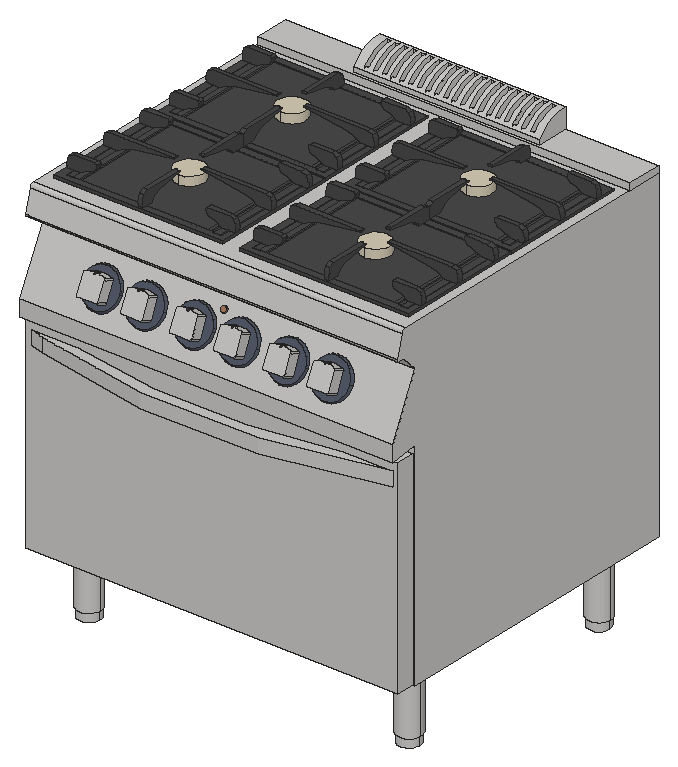
Revit family "QF_ZANUSSI_372149_Z7GCGH4CEA", category Specialty Equipment, Revit 2018
Family settings
  Round Connector Dimension = Use Diameter
  Part Type = Normal
  Work Plane-Based = No
  Always vertical = Yes
  Cut with Voids When Loaded = No
  Shared = No
  Room Calculation Point = No
Parameters (values of type "Standard")
  Weight = 80.00 kg
  Watts = 0 W
  Volts = 380 V
  URL Manufacturer = "http://www.zanussiprofessional.com"
  URL = "http://www.zanussiprofessional.com"
  Steam Supply Size = 0"
  Steam Supply Minimum Pressure = 0.00 psi
  Steam Supply Maximum Pressure = 0.00 psi
  Steam Pounds per Hour = 0
  Show Logo [instance] = yes
  Show Clearance [instance] = yes
  Refrigeration Suction Line Size = 0"
  Refrigeration Liquid Line Size = 0"
  Refrigerant Compressor Remote = yes
  Phase = 3
  Model = "Z7GCGH4CEA"
  Manufacturer = "Zanussi"
  Length Actual = 800.0 mm  # constant formula
  Item Number = "372149"
  Hot Water Size = 0"
  Height Actual = 850.0 mm  # constant formula
  HP = "8 HP"
  Gas Size = 1/2"
  Gas KW = 22
  Gas Input Pressure = 0.738606 Btu/h
  Direct Waste Size = 0"
  Description = "4-BURNER GAS RANGE+ELECTR.OVEN 800MM (AGA)"
  Depth Actual = 700.0 mm  # constant formula
  Cycle = 60 Hz
  Condensate Return Size = 0"
  Compressed Air Volume = 0 GPM
  Compressed Air Size = 0"
  Compressed Air Pressure = 0.00 psi
  Cold Water Size = 0"
  Assembly Code = ""
  Accessory = yes
Reference planes
  plane 1 "BACK": y = 0
  plane 2: z = 0
  plane 3 "LEFT": x = 0
  plane 4 "RIGHT": x = 800
  plane 5 "FRONT": y = -700
  plane 6 "TOP": z = 908
  plane 7 "Center Y": x = 400
  plane 8 "Center X": y = -350
  plane 9 "Base": z = 150
  plane 10: z = 850
  plane 11: y = -715
  plane 12: y = -1109
  plane 13 "panel": through (-6096, -654.982, 762.214) normal (0, -0.8956, 0.4448)
  plane 14: x = 177.499
  plane 15: x = 177.499
Forms (mm)
  Revolve 1, solid, material "QF_Finishes_Stainless Steel"
    sketch origin (1, -90, 0) x (1, 0, 0) y (0, 0, 1)
      loop
        line (55, 0) -> (55, 150) -> (29.6, 150) -> (29.6, 19.05) -> (32.1, 19.05) -> (32.1, 0) -> (55, 0)
      axis (55, 0) -> (55, 150)
    angle from 0 to 360
  Revolve 2, solid, material "QF_Finishes_Stainless Steel"
    sketch origin (1, -599.588, 0) x (1, 0, 0) y (0, 0, 1)
      loop
        line (55, 0) -> (55, 150) -> (29.6, 150) -> (29.6, 19.05) -> (32.1, 19.05) -> (32.1, 0) -> (55, 0)
      axis (55, 0) -> (55, 150)
    angle from 0 to 360
  Revolve 3, solid, material "QF_Finishes_Stainless Steel"
    sketch origin (799, -90, 0) x (-1, 0, 0) y (0, 0, -1)
      loop
        line (55, 0) -> (32.1, 0) -> (32.1, -19.05) -> (29.6, -19.05) -> (29.6, -150) -> (55, -150) -> (55, 0)
      axis (55, 0) -> (55, -150)
    angle from 0 to 360
  Revolve 4, solid, material "QF_Finishes_Stainless Steel"
    sketch origin (799, -599.588, 0) x (-1, 0, 0) y (0, 0, -1)
      loop
        line (55, 0) -> (32.1, 0) -> (32.1, -19.05) -> (29.6, -19.05) -> (29.6, -150) -> (55, -150) -> (55, 0)
      axis (55, 0) -> (55, -150)
    angle from 0 to 360
  Extrusion 5, solid, material "QF_Finishes_Stainless Steel"
    sketch origin (0, 0, 576.213) x (0, 1, 0) y (0, 0, 1)
      loop
        line (0, 273.788) -> (-679.358, 273.788)
        arc (-679.358, 273.788) -> (-684.643, 271.598) -> (-686.833, 266.313) r 7.474
        line (-686.833, 266.313) -> (-699.884, 220.798)
        arc (-699.884, 220.798) -> (-699.396, 218.166) -> (-697, 216.971) r 3
        line (-697, 216.971) -> (-686.802, 216.971) -> (-654.982, 185.152) -> (-715, 64.296) -> (-715, 29.296) -> (-658.645, 37.216)
        arc (-658.645, 37.216) -> (-656.101, 36.462) -> (-655, 34.047) r 3.2
        line (-655, 34.047) -> (-655, -426.212) -> (0, -426.212) -> (0, 273.788)
      loop
        line (-700, 23.788) -> (-700, -421.212) -> (-660, -421.212) -> (-660, 23.788) -> (-700, 23.788)
    from 0 to 800
  Extrusion 6, solid, material "QF_Finishes_Stainless Steel"
    sketch origin (0, 0, 576.213) x (0, 1, 0) y (0, 0, 1)
      loop
        line (0, 273.787) -> (0, 288.075) -> (-76.2, 288.075) -> (-76.2, 273.787) -> (0, 273.787)
    from 0 to 800
  Extrusion 7, solid, material "QF_Finishes_Stainless Steel"
    sketch origin (0, -2, 150) x (-1, 0, 0) y (0, -1, 0)
      loop
        circle (-747.612, 464) r 6.35
    from -8.815 to 7.722
  Extrusion 8, solid, material "QF_Finishes_Door Clearance", visible <- "Show Clearance", detail levels coarse
    sketch origin (0, 0, 0) x (0, 1, 0) y (0, 0, 1)
      loop
        line (-1109, 150) -> (-700, 150) -> (-700, 601.405)
        arc (-700, 601.405) -> (-991.543, 454.568) -> (-1109, 150) r 453.603
    from 0 to 800
  Extrusion 9, solid, material "QF_Finishes_Clearance", visible <- "Show Clearance", detail levels coarse
    sketch origin (0, 0, 0) x (1, 0, 0) y (0, 1, 0)
      loop
        line (-100, -715) -> (0, -715) -> (0, 0) -> (800, 0) -> (800, -715) -> (900, -715) -> (900, 100) -> (-100, 100) -> (-100, -715)
    from 0 to 908.85
  Extrusion 10, void
    sketch origin (-65.011, 0, 865.138) x (-1, 0, 0) y (0, -1, 0)
      loop
        line (-295.005, 6.761) -> (-285.709, 6.761) -> (-285.709, 63.911) -> (-295.005, 63.911) -> (-295.005, 6.761)
      loop
        line (-313.697, 6.761) -> (-304.401, 6.761) -> (-304.401, 63.911) -> (-313.697, 63.911) -> (-313.697, 6.761)
      loop
        line (-332.39, 6.761) -> (-323.094, 6.761) -> (-323.094, 63.911) -> (-332.39, 63.911) -> (-332.39, 6.761)
      loop
        line (-351.082, 6.761) -> (-341.787, 6.761) -> (-341.787, 63.911) -> (-351.082, 63.911) -> (-351.082, 6.761)
      loop
        line (-369.775, 6.761) -> (-360.479, 6.761) -> (-360.479, 63.911) -> (-369.775, 63.911) -> (-369.775, 6.761)
      loop
        line (-388.468, 6.761) -> (-379.172, 6.761) -> (-379.172, 63.911) -> (-388.468, 63.911) -> (-388.468, 6.761)
      loop
        line (-407.16, 6.761) -> (-397.864, 6.761) -> (-397.864, 63.911) -> (-407.16, 63.911) -> (-407.16, 6.761)
      loop
        line (-425.853, 6.761) -> (-416.557, 6.761) -> (-416.557, 63.911) -> (-425.853, 63.911) -> (-425.853, 6.761)
      loop
        line (-444.545, 6.761) -> (-435.25, 6.761) -> (-435.25, 63.911) -> (-444.545, 63.911) -> (-444.545, 6.761)
      loop
        line (-463.238, 6.761) -> (-453.942, 6.761) -> (-453.942, 63.911) -> (-463.238, 63.911) -> (-463.238, 6.761)
      loop
        line (-481.931, 6.761) -> (-472.635, 6.761) -> (-472.635, 63.911) -> (-481.931, 63.911) -> (-481.931, 6.761)
      loop
        line (-500.623, 6.761) -> (-491.328, 6.761) -> (-491.328, 63.911) -> (-500.623, 63.911) -> (-500.623, 6.761)
      loop
        line (-519.316, 6.761) -> (-510.02, 6.761) -> (-510.02, 63.911) -> (-519.316, 63.911) -> (-519.316, 6.761)
      loop
        line (-538.008, 6.761) -> (-528.713, 6.761) -> (-528.713, 63.911) -> (-538.008, 63.911) -> (-538.008, 6.761)
      loop
        line (-556.701, 6.761) -> (-547.405, 6.761) -> (-547.405, 63.911) -> (-556.701, 63.911) -> (-556.701, 6.761)
      loop
        line (-575.394, 6.761) -> (-566.098, 6.761) -> (-566.098, 63.911) -> (-575.394, 63.911) -> (-575.394, 6.761)
      loop
        line (-594.086, 6.761) -> (-584.791, 6.761) -> (-584.791, 63.911) -> (-594.086, 63.911) -> (-594.086, 6.761)
      loop
        line (-612.779, 6.761) -> (-603.483, 6.761) -> (-603.483, 63.911) -> (-612.779, 63.911) -> (-612.779, 6.761)
      loop
        line (-631.472, 6.761) -> (-622.176, 6.761) -> (-622.176, 63.911) -> (-631.472, 63.911) -> (-631.472, 6.761)
      loop
        line (-650.164, 6.761) -> (-640.868, 6.761) -> (-640.868, 63.911) -> (-650.164, 63.911) -> (-650.164, 6.761)
    from 9.525 to 45.348
  Extrusion 11, solid, material "QF_Finishes_Stainless Steel"
    sketch origin (-200, 0, 590.5) x (0, 1, 0) y (0, 0, 1)
      loop
        line (0, 273.788) -> (0, 317.5)
        arc (0, 317.5) -> (-39.072, 308.879) -> (-69.85, 283.312) r 84.854
        line (-69.85, 283.312) -> (-69.85, 273.788) -> (0, 273.788)
    from 400 to 800
  Blend 12, solid, material "QF_Finishes_Navy Blue"
    base sketch origin (152.5, -684.991, 701.786) x (1, 0, 0) y (0, 0.444781, 0.895639)
      loop
        circle (0, 0) r 42.5
    top sketch origin (152.5, -684.991, 701.786) x (1, 0, 0) y (0, 0.444781, 0.895639)
      loop
        circle (0, 0) r 40.5
    from 0 to 5
  Extrusion 13, solid, material "QF_Finishes_Stainless Steel"
    sketch origin (152.5, -684.991, 701.786) x (1, 0, 0) y (0, 0.444781, 0.895639)
      loop
        arc (-21.147, 22.789) -> (-22.494, 21.685) -> (-23, 20.019) r 2.997
        line (-23, 20.019) -> (-23, -20.019)
        arc (-23, -20.019) -> (-22.122, -22.138) -> (-20.003, -23.016) r 2.997
        line (-20.003, -23.016) -> (20.003, -23.016)
        arc (20.003, -23.016) -> (22.122, -22.138) -> (23, -20.019) r 2.997
        line (23, -20.019) -> (23, 20.019)
        arc (23, 20.019) -> (22.494, 21.685) -> (21.147, 22.789) r 2.997
        arc (21.147, 22.789) -> (0, 26.984) -> (-21.147, 22.789) r 55.4
    from 10 to 34
  Extrusion 14, solid, material "QF_Plastic-Black-Matte"
    sketch origin (210, -684.991, 701.786) x (0, 0.444781, 0.895639) y (0, -0.895639, 0.444781)
      loop
        line (26.984, 34) -> (26.984, 19) -> (27.984, 19) -> (27.984, 34)
        arc (27.984, 34) -> (27.691, 34.707) -> (26.984, 35) r 1
        line (26.984, 35) -> (23.984, 35) -> (23.984, 34) -> (26.984, 34)
    from -58.5 to -56.5
  Extrusion 15, solid, material "QF_Finishes_Stainless Steel"
    sketch origin (152.5, -684.991, 701.786) x (1, 0, 0) y (0, 0.444781, 0.895639)
      loop
        line (17.5, 17.5) -> (-17.5, 17.5) -> (-17.5, -17.5) -> (17.5, -17.5) -> (17.5, 17.5)
    from 5 to 10
  Extrusion 16, solid, material "QF_Plastic-Black-Matte"
    sketch origin (190, -684.991, 701.786) x (0, 0.444781, 0.895639) y (0, 0.895639, -0.444781)
      loop
        line (26.984, -34) -> (23.984, -34) -> (23.984, -35) -> (26.984, -35)
        arc (26.984, -35) -> (27.691, -34.707) -> (27.984, -34) r 1
        line (27.984, -34) -> (27.984, -19) -> (26.984, -19) -> (26.984, -34)
    from -58.5 to -56.5
  Extrusion 17, solid, material "QF_Finishes_Stainless Steel"
    sketch origin (247.5, -684.991, 701.786) x (-1, 0, 0) y (0, -0.444781, -0.895639)
      loop
        line (17.5, -17.5) -> (17.5, 17.5) -> (-17.5, 17.5) -> (-17.5, -17.5) -> (17.5, -17.5)
    from 5 to 10
  Blend 18, solid, material "QF_Finishes_Navy Blue"
    base sketch origin (247.5, -684.991, 701.786) x (1, 0, 0) y (0, 0.444781, 0.895639)
      loop
        circle (0, 0) r 42.5
    top sketch origin (247.5, -684.991, 701.786) x (1, 0, 0) y (0, 0.444781, 0.895639)
      loop
        circle (0, 0) r 40.5
    from 0 to 5
  Extrusion 19, solid, material "QF_Finishes_Stainless Steel"
    sketch origin (247.5, -684.991, 701.786) x (-1, 0, 0) y (0, -0.444781, -0.895639)
      loop
        arc (-21.147, -22.789) -> (0, -26.984) -> (21.147, -22.789) r 55.4
        arc (21.147, -22.789) -> (22.494, -21.685) -> (23, -20.019) r 2.997
        line (23, -20.019) -> (23, 20.019)
        arc (23, 20.019) -> (22.122, 22.138) -> (20.003, 23.016) r 2.997
        line (20.003, 23.016) -> (-20.003, 23.016)
        arc (-20.003, 23.016) -> (-22.122, 22.138) -> (-23, 20.019) r 2.997
        line (-23, 20.019) -> (-23, -20.019)
        arc (-23, -20.019) -> (-22.494, -21.685) -> (-21.147, -22.789) r 2.997
    from 10 to 34
  Blend 20, solid, material "QF_Finishes_Navy Blue"
    base sketch origin (447.5, -684.991, 701.786) x (1, 0, 0) y (0, 0.444781, 0.895639)
      loop
        circle (0, 0) r 42.5
    top sketch origin (447.5, -684.991, 701.786) x (1, 0, 0) y (0, 0.444781, 0.895639)
      loop
        circle (0, 0) r 40.5
    from 0 to 5
  Extrusion 21, solid, material "QF_Finishes_Stainless Steel"
    sketch origin (215, -684.991, 701.786) x (1, 0, 0) y (0, 0.444781, 0.895639)
      loop
        arc (211.353, 22.789) -> (210.006, 21.685) -> (209.5, 20.019) r 2.997
        line (209.5, 20.019) -> (209.5, -20.019)
        arc (209.5, -20.019) -> (210.378, -22.138) -> (212.497, -23.016) r 2.997
        line (212.497, -23.016) -> (252.503, -23.016)
        arc (252.503, -23.016) -> (254.622, -22.138) -> (255.5, -20.019) r 2.997
        line (255.5, -20.019) -> (255.5, 20.019)
        arc (255.5, 20.019) -> (254.994, 21.685) -> (253.647, 22.789) r 2.997
        arc (253.647, 22.789) -> (232.5, 26.984) -> (211.353, 22.789) r 55.4
    from 10 to 34
  Blend 22, solid, material "QF_Finishes_Navy Blue"
    base sketch origin (552.5, -684.991, 701.786) x (1, 0, 0) y (0, 0.444781, 0.895639)
      loop
        circle (0, 0) r 42.5
    top sketch origin (552.5, -684.991, 701.786) x (1, 0, 0) y (0, 0.444781, 0.895639)
      loop
        circle (0, 0) r 40.5
    from 0 to 5
  Extrusion 23, solid, material "QF_Finishes_Stainless Steel"
    sketch origin (552.5, -684.991, 701.786) x (1, 0, 0) y (0, 0.444781, 0.895639)
      loop
        arc (-21.147, 22.789) -> (-22.494, 21.685) -> (-23, 20.019) r 2.997
        line (-23, 20.019) -> (-23, -20.019)
        arc (-23, -20.019) -> (-22.122, -22.138) -> (-20.003, -23.016) r 2.997
        line (-20.003, -23.016) -> (20.003, -23.016)
        arc (20.003, -23.016) -> (22.122, -22.138) -> (23, -20.019) r 2.997
        line (23, -20.019) -> (23, 20.019)
        arc (23, 20.019) -> (22.494, 21.685) -> (21.147, 22.789) r 2.997
        arc (21.147, 22.789) -> (0, 26.984) -> (-21.147, 22.789) r 55.4
    from 10 to 34
  Extrusion 24, solid, material "QF_Plastic-Black-Matte"
    sketch origin (610, -684.991, 701.786) x (0, 0.444781, 0.895639) y (0, -0.895639, 0.444781)
      loop
        line (26.984, 34) -> (26.984, 19) -> (27.984, 19) -> (27.984, 34)
        arc (27.984, 34) -> (27.691, 34.707) -> (26.984, 35) r 1
        line (26.984, 35) -> (23.984, 35) -> (23.984, 34) -> (26.984, 34)
    from -58.5 to -56.5
  Extrusion 25, solid, material "QF_Finishes_Stainless Steel"
    sketch origin (552.5, -684.991, 701.786) x (1, 0, 0) y (0, 0.444781, 0.895639)
      loop
        line (17.5, 17.5) -> (-17.5, 17.5) -> (-17.5, -17.5) -> (17.5, -17.5) -> (17.5, 17.5)
    from 5 to 10
  Extrusion 26, solid, material "QF_Plastic-Black-Matte"
    sketch origin (590, -684.991, 701.786) x (0, 0.444781, 0.895639) y (0, 0.895639, -0.444781)
      loop
        line (26.984, -34) -> (23.984, -34) -> (23.984, -35) -> (26.984, -35)
        arc (26.984, -35) -> (27.691, -34.707) -> (27.984, -34) r 1
        line (27.984, -34) -> (27.984, -19) -> (26.984, -19) -> (26.984, -34)
    from -58.5 to -56.5
  Extrusion 27, solid, material "QF_Finishes_Stainless Steel"
    sketch origin (647.5, -684.991, 701.786) x (-1, 0, 0) y (0, -0.444781, -0.895639)
      loop
        line (17.5, -17.5) -> (17.5, 17.5) -> (-17.5, 17.5) -> (-17.5, -17.5) -> (17.5, -17.5)
    from 5 to 10
  Blend 28, solid, material "QF_Finishes_Navy Blue"
    base sketch origin (647.5, -684.991, 701.786) x (1, 0, 0) y (0, 0.444781, 0.895639)
      loop
        circle (0, 0) r 42.5
    top sketch origin (647.5, -684.991, 701.786) x (1, 0, 0) y (0, 0.444781, 0.895639)
      loop
        circle (0, 0) r 40.5
    from 0 to 5
  Extrusion 29, solid, material "QF_Finishes_Stainless Steel"
    sketch origin (647.5, -684.991, 701.786) x (-1, 0, 0) y (0, -0.444781, -0.895639)
      loop
        arc (-21.147, -22.789) -> (0, -26.984) -> (21.147, -22.789) r 55.4
        arc (21.147, -22.789) -> (22.494, -21.685) -> (23, -20.019) r 2.997
        line (23, -20.019) -> (23, 20.019)
        arc (23, 20.019) -> (22.122, 22.138) -> (20.003, 23.016) r 2.997
        line (20.003, 23.016) -> (-20.003, 23.016)
        arc (-20.003, 23.016) -> (-22.122, 22.138) -> (-23, 20.019) r 2.997
        line (-23, 20.019) -> (-23, -20.019)
        arc (-23, -20.019) -> (-22.494, -21.685) -> (-21.147, -22.789) r 2.997
    from 10 to 34
  Extrusion 30, solid, material "QF_Finishes_Stainless Steel"
    sketch origin (0, 0, 150) x (-1, 0, 0) y (0, -1, 0)
      loop
        line (-790, 700) -> (-696.395, 700)
        arc (-696.395, 700) -> (-400, 735) -> (-103.605, 700) r 1272.5
        line (-103.605, 700) -> (-10, 700)
        arc (-10, 700) -> (-26.992, 705.227) -> (-44.053, 710.221) r 1297.5
        arc (-44.053, 710.221) -> (-417.777, 759.878) -> (-790, 700) r 1297.5
    from 400 to 430
  Extrusion 31, solid, material "QF_Finishes_Stainless Steel"
    sketch origin (0, 0, 150) x (-1, 0, 0) y (0, -1, 0)
      loop
        circle (-752, 513) r 10
    from 0 to -3
  Extrusion 32, solid, material "QF_Plastic-Black-Matte"
    sketch origin (295, -684.991, 701.786) x (0, 0.444781, 0.895639) y (0, 0.895639, -0.444781)
      loop
        line (26.984, -34) -> (23.984, -34) -> (23.984, -35) -> (26.984, -35)
        arc (26.984, -35) -> (27.691, -34.707) -> (27.984, -34) r 1
        line (27.984, -34) -> (27.984, -19) -> (26.984, -19) -> (26.984, -34)
    from -58.5 to -56.5
  Extrusion 33, solid, material "QF_Finishes_Stainless Steel"
    sketch origin (352.5, -684.991, 701.786) x (-1, 0, 0) y (0, -0.444781, -0.895639)
      loop
        line (17.5, -17.5) -> (17.5, 17.5) -> (-17.5, 17.5) -> (-17.5, -17.5) -> (17.5, -17.5)
    from 5 to 10
  Extrusion 34, solid, material "QF_Finishes_Stainless Steel"
    sketch origin (352.5, -684.991, 701.786) x (-1, 0, 0) y (0, -0.444781, -0.895639)
      loop
        arc (-21.147, -22.789) -> (0, -26.984) -> (21.147, -22.789) r 55.4
        arc (21.147, -22.789) -> (22.494, -21.685) -> (23, -20.019) r 2.997
        line (23, -20.019) -> (23, 20.019)
        arc (23, 20.019) -> (22.122, 22.138) -> (20.003, 23.016) r 2.997
        line (20.003, 23.016) -> (-20.003, 23.016)
        arc (-20.003, 23.016) -> (-22.122, 22.138) -> (-23, 20.019) r 2.997
        line (-23, 20.019) -> (-23, -20.019)
        arc (-23, -20.019) -> (-22.494, -21.685) -> (-21.147, -22.789) r 2.997
    from 10 to 34
  Blend 35, solid, material "QF_Finishes_Navy Blue"
    base sketch origin (352.5, -684.991, 701.786) x (1, 0, 0) y (0, 0.444781, 0.895639)
      loop
        circle (0, 0) r 42.5
    top sketch origin (352.5, -684.991, 701.786) x (1, 0, 0) y (0, 0.444781, 0.895639)
      loop
        circle (0, 0) r 40.5
    from 0 to 5
  Extrusion 36, solid, material "QF_Plastic-Black-Matte"
    sketch origin (390, -684.991, 701.786) x (0, 0.444781, 0.895639) y (0, 0.895639, -0.444781)
      loop
        line (26.984, -34) -> (23.984, -34) -> (23.984, -35) -> (26.984, -35)
        arc (26.984, -35) -> (27.691, -34.707) -> (27.984, -34) r 1
        line (27.984, -34) -> (27.984, -19) -> (26.984, -19) -> (26.984, -34)
    from -58.5 to -56.5
  Extrusion 37, solid, material "QF_Finishes_Stainless Steel"
    sketch origin (447.5, -684.991, 701.786) x (-1, 0, 0) y (0, -0.444781, -0.895639)
      loop
        line (17.5, -17.5) -> (17.5, 17.5) -> (-17.5, 17.5) -> (-17.5, -17.5) -> (17.5, -17.5)
    from 5 to 10
  Extrusion 38, solid, material "QF_Finishes_Brown"
    sketch origin (0, -829.045, 411.71) x (0, 0.444781, 0.895639) y (-1, 0, 0)
      loop
        circle (366.376, -400) r 6
    from 0 to 1.6
Cuts and joins
  Extrusion 10 cuts Extrusion 9
  Extrusion 10 cuts Extrusion 11
Lines and regions (mm)
  Split face 1
    outline origin (152.5, -689.469, 704.01) x (1, 0, 0) y (0, 0.444781, 0.895639)
      loop
        circle (-33, 0) r 3
  Split face 2
    outline origin (253.401, -689.469, 704.01) x (1, 0, 0) y (0, 0.444781, 0.895639)
      loop
        line (-8.901, 38.561) -> (-8.901, 28.561) -> (-2.901, 28.561) -> (-2.901, 38.561) -> (-8.901, 38.561)
  Split face 3
    outline origin (253.401, -689.469, 704.01) x (1, 0, 0) y (0, 0.444781, 0.895639)
      loop
        line (-8.401, 38.061) -> (-8.401, 29.061) -> (-3.401, 29.061) -> (-3.401, 38.061) -> (-8.401, 38.061)
  Split face 4
    outline origin (253.401, -689.469, 704.01) x (1, 0, 0) y (0, 0.444781, 0.895639)
      loop
        line (-8.401, 33.561) -> (-3.401, 33.561)
  Split face 5
    outline origin (253.401, -689.469, 704.01) x (1, 0, 0) y (0, 0.444781, 0.895639)
      loop
        line (-8.401, 33.061) -> (-3.401, 33.061)
  Split face 6
    outline origin (158.401, -689.469, 704.01) x (1, 0, 0) y (0, 0.444781, 0.895639)
      loop
        line (-8.901, 38.561) -> (-8.901, 28.561) -> (-2.901, 28.561) -> (-2.901, 38.561) -> (-8.901, 38.561)
  Split face 7
    outline origin (158.401, -689.469, 704.01) x (1, 0, 0) y (0, 0.444781, 0.895639)
      loop
        line (-8.401, 38.061) -> (-8.401, 29.061) -> (-3.401, 29.061) -> (-3.401, 38.061) -> (-8.401, 38.061)
  Split face 8
    outline origin (158.401, -689.469, 704.01) x (1, 0, 0) y (0, 0.444781, 0.895639)
      loop
        line (-8.401, 34.061) -> (-3.401, 34.061)
  Split face 9
    outline origin (158.401, -689.469, 704.01) x (1, 0, 0) y (0, 0.444781, 0.895639)
      loop
        line (-8.401, 33.561) -> (-3.401, 33.561)
  Split face 10
    outline origin (178.157, -675.159, 732.825) x (-1, 0, 0) y (0, -0.444781, -0.895639)
      loop
        circle (43.456, 61.543) r 1.5
  Split face 11
    outline origin (158.401, -689.469, 704.01) x (1, 0, 0) y (0, 0.444781, 0.895639)
      loop
        circle (-5.901, 31.311) r 2.029
  Split face 12
    outline origin (253.401, -689.469, 704.01) x (1, 0, 0) y (0, 0.444781, 0.895639)
      loop
        circle (-5.901, 35.811) r 2.031
  Split face 13
    outline origin (152.5, -689.469, 704.01) x (1, 0, 0) y (0, 0.444781, 0.895639)
      loop
        circle (-24.487, 26.694) r 3.497
  Split face 14
    outline origin (247.5, -689.469, 704.01) x (1, 0, 0) y (0, 0.444781, 0.895639)
      loop
        circle (-24.487, 26.694) r 3.497
  Split face 15
    outline origin (247.5, -689.469, 704.01) x (1, 0, 0) y (0, 0.444781, 0.895639)
      loop
        circle (-33, 0) r 3
  Split face 16
    outline origin (247.5, -689.469, 704.01) x (1, 0, 0) y (0, 0.444781, 0.895639)
      loop
        circle (-17.8, -29.371) r 1.5
  Split face 17
    outline origin (447.5, -689.469, 704.01) x (1, 0, 0) y (0, 0.444781, 0.895639)
      loop
        circle (0, 33) r 1
  Split face 18
    outline origin (447.5, -689.469, 704.01) x (1, 0, 0) y (0, 0.444781, 0.895639)
      loop
        circle (-33, 0) r 1
  Split face 19
    outline origin (447.5, -689.469, 704.01) x (-1, 0, 0) y (0, 0.444781, 0.895639)
      loop
        circle (31.876, -8.541) r 1
  Split face 20
    outline origin (447.5, -689.469, 704.01) x (-1, 0, 0) y (0, 0.444781, 0.895639)
      loop
        circle (28.579, -16.5) r 1
  Split face 21
    outline origin (447.5, -689.469, 704.01) x (-1, 0, 0) y (0, 0.444781, 0.895639)
      loop
        circle (23.335, -23.335) r 1
  Split face 22
    outline origin (447.5, -689.469, 704.01) x (-1, 0, 0) y (0, 0.444781, 0.895639)
      loop
        circle (16.5, -28.579) r 1
  Split face 23
    outline origin (447.5, -689.469, 704.01) x (-1, 0, 0) y (0, 0.444781, 0.895639)
      loop
        circle (8.541, -31.876) r 1
  Split face 24
    outline origin (447.5, -689.469, 704.01) x (1, 0, 0) y (0, -0.444781, -0.895639)
      loop
        circle (33, 0) r 1
  Split face 25
    outline origin (447.5, -689.469, 704.01) x (-1, 0, 0) y (0, -0.444781, -0.895639)
      loop
        circle (-8.541, 31.876) r 1
  Split face 26
    outline origin (447.5, -689.469, 704.01) x (-1, 0, 0) y (0, -0.444781, -0.895639)
      loop
        circle (-16.5, 28.579) r 1
  Split face 27
    outline origin (447.5, -689.469, 704.01) x (-1, 0, 0) y (0, -0.444781, -0.895639)
      loop
        circle (-23.335, 23.335) r 1
  Split face 28
    outline origin (447.5, -689.469, 704.01) x (-1, 0, 0) y (0, -0.444781, -0.895639)
      loop
        circle (-28.579, 16.5) r 1
  Split face 29
    outline origin (447.5, -689.469, 704.01) x (-1, 0, 0) y (0, -0.444781, -0.895639)
      loop
        circle (-31.876, 8.541) r 1
  Split face 30
    outline origin (552.5, -689.469, 704.01) x (1, 0, 0) y (0, 0.444781, 0.895639)
      loop
        circle (-33, 0) r 3
  Split face 31
    outline origin (653.401, -689.469, 704.01) x (1, 0, 0) y (0, 0.444781, 0.895639)
      loop
        line (-8.901, 38.561) -> (-8.901, 28.561) -> (-2.901, 28.561) -> (-2.901, 38.561) -> (-8.901, 38.561)
  Split face 32
    outline origin (653.401, -689.469, 704.01) x (1, 0, 0) y (0, 0.444781, 0.895639)
      loop
        line (-8.401, 38.061) -> (-8.401, 29.061) -> (-3.401, 29.061) -> (-3.401, 38.061) -> (-8.401, 38.061)
  Split face 33
    outline origin (653.401, -689.469, 704.01) x (1, 0, 0) y (0, 0.444781, 0.895639)
      loop
        line (-8.401, 33.561) -> (-3.401, 33.561)
  Split face 34
    outline origin (653.401, -689.469, 704.01) x (1, 0, 0) y (0, 0.444781, 0.895639)
      loop
        line (-8.401, 33.061) -> (-3.401, 33.061)
  Split face 35
    outline origin (558.401, -689.469, 704.01) x (1, 0, 0) y (0, 0.444781, 0.895639)
      loop
        line (-8.901, 38.561) -> (-8.901, 28.561) -> (-2.901, 28.561) -> (-2.901, 38.561) -> (-8.901, 38.561)
  Split face 36
    outline origin (558.401, -689.469, 704.01) x (1, 0, 0) y (0, 0.444781, 0.895639)
      loop
        line (-8.401, 38.061) -> (-8.401, 29.061) -> (-3.401, 29.061) -> (-3.401, 38.061) -> (-8.401, 38.061)
  Split face 37
    outline origin (558.401, -689.469, 704.01) x (1, 0, 0) y (0, 0.444781, 0.895639)
      loop
        line (-8.401, 34.061) -> (-3.401, 34.061)
  Split face 38
    outline origin (558.401, -689.469, 704.01) x (1, 0, 0) y (0, 0.444781, 0.895639)
      loop
        line (-8.401, 33.561) -> (-3.401, 33.561)
  Split face 39
    outline origin (578.157, -675.159, 732.825) x (-1, 0, 0) y (0, -0.444781, -0.895639)
      loop
        circle (43.456, 61.543) r 1.5
  Split face 40
    outline origin (558.401, -689.469, 704.01) x (1, 0, 0) y (0, 0.444781, 0.895639)
      loop
        circle (-5.901, 31.311) r 2.029
  Split face 41
    outline origin (653.401, -689.469, 704.01) x (1, 0, 0) y (0, 0.444781, 0.895639)
      loop
        circle (-5.901, 35.811) r 2.031
  Split face 42
    outline origin (552.5, -689.469, 704.01) x (1, 0, 0) y (0, 0.444781, 0.895639)
      loop
        circle (-24.487, 26.694) r 3.497
  Split face 43
    outline origin (647.5, -689.469, 704.01) x (1, 0, 0) y (0, 0.444781, 0.895639)
      loop
        circle (-24.487, 26.694) r 3.497
  Split face 44
    outline origin (647.5, -689.469, 704.01) x (1, 0, 0) y (0, 0.444781, 0.895639)
      loop
        circle (-33, 0) r 3
  Split face 45
    outline origin (647.5, -689.469, 704.01) x (1, 0, 0) y (0, 0.444781, 0.895639)
      loop
        circle (-17.8, -29.371) r 1.5
  Split face 46
    outline origin (447.5, -689.469, 704.01) x (1, 0, 0) y (0, 0.444781, 0.895639)
      loop
        circle (0, -33) r 1
  Split face 47
    outline origin (352.5, -689.469, 704.01) x (1, 0, 0) y (0, 0.444781, 0.895639)
      loop
        line (-35.5, 0.5) -> (-29.5, 0.5) -> (-29.5, 2.5) -> (-35.5, 2.5) -> (-35.5, 0.5)
  Split face 48
    outline origin (352.5, -690.803, 701.323) x (1, 0, 0) y (0, 0.444781, 0.895639)
      loop
        line (-35.5, 0.5) -> (-29.5, 0.5) -> (-29.5, 2.5) -> (-35.5, 2.5) -> (-35.5, 0.5)
  Split face 49
    outline origin (352.5, -689.469, 704.01) x (1, 0, 0) y (0, 0.444781, 0.895639)
      loop
        line (-3, -32.32) -> (-3, -34.32) -> (3, -34.32) -> (3, -32.32) -> (-3, -32.32)
  Split face 50
    outline origin (352.5, -689.469, 704.01) x (1, 0, 0) y (0, 0.444781, 0.895639)
      loop
        circle (0, 34.714) r 1.714
  symbolic lines, style "QF-Door Swings"
    curve 1: line (0, -715, 150) -> (0, -1109, 150)
    curve 2: line (0, -1109, 150) -> (800, -1109, 150)
    curve 3: line (800, -1109, 150) -> (800, -715, 150)
  symbolic lines
    curve 4: line (0, 0, 150) -> (0, -715, 150)
    curve 5: line (0, -69.85, 150) -> (800, -69.85, 150)
    curve 6: line (0, -76.2, 150) -> (800, -76.2, 150)
    curve 7: line (800, -715, 150) -> (800, 0, 150)
    curve 8: line (0, 0, 150) -> (800, 0, 150)
    curve 12: line (229.994, -6.761, 150) -> (229.994, -63.911, 150)
    curve 13: line (229.994, -63.911, 150) -> (220.698, -63.911, 150)
    curve 14: line (220.698, -63.911, 150) -> (220.698, -6.761, 150)
    curve 15: line (220.698, -6.761, 150) -> (229.994, -6.761, 150)
    curve 16: line (435.612, -6.761, 150) -> (435.612, -63.911, 150)
    curve 17: line (435.612, -63.911, 150) -> (426.317, -63.911, 150)
    curve 18: line (426.317, -63.911, 150) -> (426.317, -6.761, 150)
    curve 19: line (426.317, -6.761, 150) -> (435.612, -6.761, 150)
    curve 20: line (416.92, -6.761, 150) -> (416.92, -63.911, 150)
    curve 21: line (416.92, -63.911, 150) -> (407.624, -63.911, 150)
    curve 22: line (407.624, -63.911, 150) -> (407.624, -6.761, 150)
    curve 23: line (407.624, -6.761, 150) -> (416.92, -6.761, 150)
    curve 24: line (398.227, -6.761, 150) -> (398.227, -63.911, 150)
    curve 25: line (398.227, -63.911, 150) -> (388.931, -63.911, 150)
    curve 26: line (388.931, -63.911, 150) -> (388.931, -6.761, 150)
    curve 27: line (388.931, -6.761, 150) -> (398.227, -6.761, 150)
    curve 28: line (379.534, -6.761, 150) -> (379.534, -63.911, 150)
    curve 29: line (379.534, -63.911, 150) -> (370.239, -63.911, 150)
    curve 30: line (370.239, -63.911, 150) -> (370.239, -6.761, 150)
    curve 31: line (370.239, -6.761, 150) -> (379.534, -6.761, 150)
    curve 32: line (360.842, -6.761, 150) -> (360.842, -63.911, 150)
    curve 33: line (360.842, -63.911, 150) -> (351.546, -63.911, 150)
    curve 34: line (351.546, -63.911, 150) -> (351.546, -6.761, 150)
    curve 35: line (351.546, -6.761, 150) -> (360.842, -6.761, 150)
    curve 36: line (342.149, -6.761, 150) -> (342.149, -63.911, 150)
    curve 37: line (342.149, -63.911, 150) -> (332.854, -63.911, 150)
    curve 38: line (332.854, -63.911, 150) -> (332.854, -6.761, 150)
    curve 39: line (332.854, -6.761, 150) -> (342.149, -6.761, 150)
    curve 40: line (323.457, -6.761, 150) -> (323.457, -63.911, 150)
    curve 41: line (323.457, -63.911, 150) -> (314.161, -63.911, 150)
    curve 42: line (314.161, -63.911, 150) -> (314.161, -6.761, 150)
    curve 43: line (314.161, -6.761, 150) -> (323.457, -6.761, 150)
    curve 44: line (304.764, -6.761, 150) -> (304.764, -63.911, 150)
    curve 45: line (304.764, -63.911, 150) -> (295.468, -63.911, 150)
    curve 46: line (295.468, -63.911, 150) -> (295.468, -6.761, 150)
    curve 47: line (295.468, -6.761, 150) -> (304.764, -6.761, 150)
    curve 48: line (286.071, -6.761, 150) -> (286.071, -63.911, 150)
    curve 49: line (286.071, -63.911, 150) -> (276.776, -63.911, 150)
    curve 50: line (276.776, -63.911, 150) -> (276.776, -6.761, 150)
    curve 51: line (276.776, -6.761, 150) -> (286.071, -6.761, 150)
    curve 52: line (267.379, -6.761, 150) -> (267.379, -63.911, 150)
    curve 53: line (267.379, -63.911, 150) -> (258.083, -63.911, 150)
    curve 54: line (258.083, -63.911, 150) -> (258.083, -6.761, 150)
    curve 55: line (258.083, -6.761, 150) -> (267.379, -6.761, 150)
    curve 56: line (248.686, -6.761, 150) -> (248.686, -63.911, 150)
    curve 57: line (248.686, -63.911, 150) -> (239.39, -63.911, 150)
    curve 58: line (239.39, -63.911, 150) -> (239.39, -6.761, 150)
    curve 59: line (239.39, -6.761, 150) -> (248.686, -6.761, 150)
    curve 60: line (585.153, -6.761, 150) -> (585.153, -63.911, 150)
    curve 61: line (585.153, -63.911, 150) -> (575.857, -63.911, 150)
    curve 62: line (575.857, -63.911, 150) -> (575.857, -6.761, 150)
    curve 63: line (575.857, -6.761, 150) -> (585.153, -6.761, 150)
    curve 64: line (566.461, -6.761, 150) -> (566.461, -63.911, 150)
    curve 65: line (566.461, -63.911, 150) -> (557.165, -63.911, 150)
    curve 66: line (557.165, -63.911, 150) -> (557.165, -6.761, 150)
    curve 67: line (557.165, -6.761, 150) -> (566.461, -6.761, 150)
    curve 68: line (547.768, -6.761, 150) -> (547.768, -63.911, 150)
    curve 69: line (547.768, -63.911, 150) -> (538.472, -63.911, 150)
    curve 70: line (538.472, -63.911, 150) -> (538.472, -6.761, 150)
    curve 71: line (538.472, -6.761, 150) -> (547.768, -6.761, 150)
    curve 72: line (529.075, -6.761, 150) -> (529.075, -63.911, 150)
    curve 73: line (529.075, -63.911, 150) -> (519.78, -63.911, 150)
    curve 74: line (519.78, -63.911, 150) -> (519.78, -6.761, 150)
    curve 75: line (519.78, -6.761, 150) -> (529.075, -6.761, 150)
    curve 76: line (510.383, -6.761, 150) -> (510.383, -63.911, 150)
    curve 77: line (510.383, -63.911, 150) -> (501.087, -63.911, 150)
    curve 78: line (501.087, -63.911, 150) -> (501.087, -6.761, 150)
    curve 79: line (501.087, -6.761, 150) -> (510.383, -6.761, 150)
    curve 80: line (491.69, -6.761, 150) -> (491.69, -63.911, 150)
    curve 81: line (491.69, -63.911, 150) -> (482.394, -63.911, 150)
    curve 82: line (482.394, -63.911, 150) -> (482.394, -6.761, 150)
    curve 83: line (482.394, -6.761, 150) -> (491.69, -6.761, 150)
    curve 84: line (472.998, -6.761, 150) -> (472.998, -63.911, 150)
    curve 85: line (472.998, -63.911, 150) -> (463.702, -63.911, 150)
    curve 86: line (463.702, -63.911, 150) -> (463.702, -6.761, 150)
    curve 87: line (463.702, -6.761, 150) -> (472.998, -6.761, 150)
    curve 88: line (454.305, -6.761, 150) -> (454.305, -63.911, 150)
    curve 89: line (454.305, -63.911, 150) -> (445.009, -63.911, 150)
    curve 90: line (445.009, -63.911, 150) -> (445.009, -6.761, 150)
    curve 91: line (445.009, -6.761, 150) -> (454.305, -6.761, 150)
    curve 92: line (200, -69.85, 150) -> (200, 0, 150)
    curve 93: line (600, -69.85, 150) -> (600, 0, 150)
    curve 94: line (0, -700.029, 0) -> (800, -700.029, 0)
    curve 95: line (129.525, -700.029, 0) -> (129.525, -724.376, 0)
    curve 96: arc (129.525, -724.376, 0) -> (129.671, -724.84, 0) -> (130.057, -725.136, 0) r 0.809
    curve 97: arc (130.057, -725.136, 0) -> (131.245, -725.616, 0) -> (132.522, -725.709, 0) r 4.127
    curve 98: arc (129.525, -704.322, 0) -> (124.484, -702.487, 0) -> (119.716, -700.029, 0) r 42.24
    curve 99: arc (129.525, -706.568, 0) -> (130.027, -705.847, 0) -> (130.824, -705.477, 0) r 1.682
    curve 100: arc (130.824, -705.477, 0) -> (141.127, -703.979, 0) -> (151.525, -703.47, 0) r 109.079
    curve 101: line (151.525, -700.029, 0) -> (151.525, -705.7, 0)
    curve 102: line (151.525, -705.7, 0) -> (153.525, -705.7, 0)
    curve 103: line (153.525, -705.7, 0) -> (153.525, -700.029, 0)
    curve 104: line (175.525, -700.029, 0) -> (175.525, -724.376, 0)
    curve 105: arc (175.525, -724.376, 0) -> (175.379, -724.84, 0) -> (174.993, -725.136, 0) r 0.809
    curve 106: arc (174.993, -725.136, 0) -> (173.805, -725.616, 0) -> (172.528, -725.709, 0) r 4.127
    curve 107: arc (175.525, -704.322, 0) -> (180.566, -702.487, 0) -> (185.334, -700.029, 0) r 42.24
    curve 108: arc (175.525, -706.568, 0) -> (175.023, -705.847, 0) -> (174.226, -705.477, 0) r 1.682
    curve 109: arc (174.226, -705.477, 0) -> (163.923, -703.979, 0) -> (153.525, -703.47, 0) r 109.079
    curve 110: line (132.522, -725.709, 0) -> (172.528, -725.709, 0)
    curve 111: line (270.525, -700.029, 0) -> (270.525, -724.376, 0)
    curve 112: arc (270.525, -724.376, 0) -> (270.379, -724.84, 0) -> (269.993, -725.136, 0) r 0.809
    curve 113: arc (269.993, -725.136, 0) -> (268.805, -725.616, 0) -> (267.528, -725.709, 0) r 4.127
    curve 114: arc (270.525, -704.322, 0) -> (275.566, -702.487, 0) -> (280.334, -700.029, 0) r 42.24
    curve 115: arc (270.525, -706.568, 0) -> (270.023, -705.847, 0) -> (269.226, -705.477, 0) r 1.682
    curve 116: arc (269.226, -705.477, 0) -> (258.923, -703.979, 0) -> (248.525, -703.47, 0) r 109.079
    curve 117: line (248.525, -700.029, 0) -> (248.525, -705.7, 0)
    curve 118: line (248.525, -705.7, 0) -> (246.525, -705.7, 0)
    curve 119: line (246.525, -705.7, 0) -> (246.525, -700.029, 0)
    curve 120: line (224.525, -700.029, 0) -> (224.525, -724.376, 0)
    curve 121: arc (224.525, -724.376, 0) -> (224.671, -724.84, 0) -> (225.057, -725.136, 0) r 0.809
    curve 122: arc (225.057, -725.136, 0) -> (226.245, -725.616, 0) -> (227.522, -725.709, 0) r 4.127
    curve 123: arc (224.525, -704.322, 0) -> (219.484, -702.487, 0) -> (214.716, -700.029, 0) r 42.24
    curve 124: arc (224.525, -706.568, 0) -> (225.027, -705.847, 0) -> (225.824, -705.477, 0) r 1.682
    curve 125: arc (225.824, -705.477, 0) -> (236.127, -703.979, 0) -> (246.525, -703.47, 0) r 109.079
    curve 126: line (267.528, -725.709, 0) -> (227.522, -725.709, 0)
    curve 127: line (175.525, -715.029, 0) -> (224.525, -715.029, 0)
    curve 128: line (270.525, -715.029, 0) -> (329.525, -715.029, 0)
    curve 129: line (0, -715.029, 0) -> (129.525, -715.029, 0)
    curve 130: line (529.5, -700.029, 0) -> (529.5, -724.376, 0)
    curve 131: arc (529.5, -724.376, 0) -> (529.646, -724.84, 0) -> (530.032, -725.136, 0) r 0.809
    curve 132: arc (530.032, -725.136, 0) -> (531.22, -725.616, 0) -> (532.497, -725.709, 0) r 4.127
    curve 133: arc (529.5, -704.322, 0) -> (524.459, -702.487, 0) -> (519.691, -700.029, 0) r 42.24
    curve 134: arc (529.5, -706.568, 0) -> (530.002, -705.847, 0) -> (530.799, -705.477, 0) r 1.682
    curve 135: arc (530.799, -705.477, 0) -> (541.102, -703.979, 0) -> (551.5, -703.47, 0) r 109.079
    curve 136: line (551.5, -700.029, 0) -> (551.5, -705.7, 0)
    curve 137: line (551.5, -705.7, 0) -> (553.5, -705.7, 0)
    curve 138: line (553.5, -705.7, 0) -> (553.5, -700.029, 0)
    curve 139: line (575.5, -700.029, 0) -> (575.5, -724.376, 0)
    curve 140: arc (575.5, -724.376, 0) -> (575.354, -724.84, 0) -> (574.968, -725.136, 0) r 0.809
    curve 141: arc (574.968, -725.136, 0) -> (573.78, -725.616, 0) -> (572.503, -725.709, 0) r 4.127
    curve 142: arc (575.5, -704.322, 0) -> (580.541, -702.487, 0) -> (585.309, -700.029, 0) r 42.24
    curve 143: arc (575.5, -706.568, 0) -> (574.998, -705.847, 0) -> (574.201, -705.477, 0) r 1.682
    curve 144: arc (574.201, -705.477, 0) -> (563.898, -703.979, 0) -> (553.5, -703.47, 0) r 109.079
    curve 145: line (532.497, -725.709, 0) -> (572.503, -725.709, 0)
    curve 146: line (670.525, -700.029, 0) -> (670.525, -724.376, 0)
    curve 147: arc (670.525, -724.376, 0) -> (670.379, -724.84, 0) -> (669.993, -725.136, 0) r 0.809
    curve 148: arc (669.993, -725.136, 0) -> (668.805, -725.616, 0) -> (667.528, -725.709, 0) r 4.127
    curve 149: arc (670.525, -704.322, 0) -> (675.566, -702.487, 0) -> (680.334, -700.029, 0) r 42.24
    curve 150: arc (670.525, -706.568, 0) -> (670.023, -705.847, 0) -> (669.226, -705.477, 0) r 1.682
    curve 151: arc (669.226, -705.477, 0) -> (658.923, -703.979, 0) -> (648.525, -703.47, 0) r 109.079
    curve 152: line (648.525, -700.029, 0) -> (648.525, -705.7, 0)
    curve 153: line (648.525, -705.7, 0) -> (646.525, -705.7, 0)
    curve 154: line (646.525, -705.7, 0) -> (646.525, -700.029, 0)
    curve 155: line (624.525, -700.029, 0) -> (624.525, -724.376, 0)
    curve 156: arc (624.525, -724.376, 0) -> (624.671, -724.84, 0) -> (625.057, -725.136, 0) r 0.809
    curve 157: arc (625.057, -725.136, 0) -> (626.245, -725.616, 0) -> (627.522, -725.709, 0) r 4.127
    curve 158: arc (624.525, -704.322, 0) -> (619.484, -702.487, 0) -> (614.716, -700.029, 0) r 42.24
    curve 159: arc (624.525, -706.568, 0) -> (625.027, -705.847, 0) -> (625.824, -705.477, 0) r 1.682
    curve 160: arc (625.824, -705.477, 0) -> (636.127, -703.979, 0) -> (646.525, -703.47, 0) r 109.079
    curve 161: line (667.528, -725.709, 0) -> (627.522, -725.709, 0)
    curve 162: line (575.5, -715.029, 0) -> (624.525, -715.029, 0)
    curve 163: line (670.525, -715.029, 0) -> (800.05, -715.029, 0)
    curve 164: line (329.525, -700.029, 0) -> (329.525, -724.376, 0)
    curve 165: arc (329.525, -724.376, 0) -> (329.671, -724.84, 0) -> (330.057, -725.136, 0) r 0.809
    curve 166: arc (330.057, -725.136, 0) -> (331.245, -725.616, 0) -> (332.522, -725.709, 0) r 4.127
    curve 167: arc (329.525, -704.322, 0) -> (324.484, -702.487, 0) -> (319.716, -700.029, 0) r 42.24
    curve 168: arc (329.525, -706.568, 0) -> (330.027, -705.847, 0) -> (330.824, -705.477, 0) r 1.682
    curve 169: arc (330.824, -705.477, 0) -> (341.127, -703.979, 0) -> (351.525, -703.47, 0) r 109.079
    curve 170: line (351.525, -700.029, 0) -> (351.525, -705.7, 0)
    curve 171: line (351.525, -705.7, 0) -> (353.525, -705.7, 0)
    curve 172: line (353.525, -705.7, 0) -> (353.525, -700.029, 0)
    curve 173: line (375.525, -700.029, 0) -> (375.525, -724.376, 0)
    curve 174: arc (375.525, -724.376, 0) -> (375.379, -724.84, 0) -> (374.993, -725.136, 0) r 0.809
    curve 175: arc (374.993, -725.136, 0) -> (373.805, -725.616, 0) -> (372.528, -725.709, 0) r 4.127
    curve 176: arc (375.525, -704.322, 0) -> (380.566, -702.487, 0) -> (385.334, -700.029, 0) r 42.24
    curve 177: arc (375.525, -706.568, 0) -> (375.023, -705.847, 0) -> (374.226, -705.477, 0) r 1.682
    curve 178: arc (374.226, -705.477, 0) -> (363.923, -703.979, 0) -> (353.525, -703.47, 0) r 109.079
    curve 179: line (332.522, -725.709, 0) -> (372.528, -725.709, 0)
    curve 180: line (470.525, -700.029, 0) -> (470.525, -724.376, 0)
    curve 181: arc (470.525, -724.376, 0) -> (470.379, -724.84, 0) -> (469.993, -725.136, 0) r 0.809
    curve 182: arc (469.993, -725.136, 0) -> (468.805, -725.616, 0) -> (467.528, -725.709, 0) r 4.127
    curve 183: arc (470.525, -704.322, 0) -> (475.566, -702.487, 0) -> (480.334, -700.029, 0) r 42.24
    curve 184: arc (470.525, -706.568, 0) -> (470.023, -705.847, 0) -> (469.226, -705.477, 0) r 1.682
    curve 185: arc (469.226, -705.477, 0) -> (458.923, -703.979, 0) -> (448.525, -703.47, 0) r 109.079
    curve 186: line (448.525, -700.029, 0) -> (448.525, -705.7, 0)
    curve 187: line (448.525, -705.7, 0) -> (446.525, -705.7, 0)
    curve 188: line (446.525, -705.7, 0) -> (446.525, -700.029, 0)
    curve 189: line (424.525, -700.029, 0) -> (424.525, -724.376, 0)
    curve 190: arc (424.525, -724.376, 0) -> (424.671, -724.84, 0) -> (425.057, -725.136, 0) r 0.809
    curve 191: arc (425.057, -725.136, 0) -> (426.245, -725.616, 0) -> (427.522, -725.709, 0) r 4.127
    curve 192: arc (424.525, -704.322, 0) -> (419.484, -702.487, 0) -> (414.716, -700.029, 0) r 42.24
    curve 193: arc (424.525, -706.568, 0) -> (425.027, -705.847, 0) -> (425.824, -705.477, 0) r 1.682
    curve 194: arc (425.824, -705.477, 0) -> (436.127, -703.979, 0) -> (446.525, -703.47, 0) r 109.079
    curve 195: line (467.528, -725.709, 0) -> (427.522, -725.709, 0)
    curve 196: line (375.525, -715.029, 0) -> (424.525, -715.029, 0)
    curve 197: line (375.525, -715.029, 0) -> (424.525, -715.029, 0)
    curve 198: line (470.525, -715.029, 0) -> (529.5, -715.029, 0)
    curve 199: arc (61.252, -714.771, 150) -> (399.753, -759.775, 150) -> (738.27, -714.9, 150) r 1297.375
    curve 200: arc (624.001, -714.9, 150) -> (599.813, -718.986, 150) -> (575.551, -722.604, 150) r 1272.373
    curve 201: arc (552.671, -725.58, 150) -> (400, -734.772, 150) -> (247.329, -725.58, 150) r 1272.372
    curve 202: arc (224.453, -722.605, 150) -> (200.189, -718.986, 150) -> (175.999, -714.9, 150) r 1272.373
  symbolic lines, style "QF-Clearances", visible <- "Show Clearance", detail levels coarse
    curve 9: line (-100, -715, 150) -> (-100, 100, 150)
    curve 10: line (-100, 100, 150) -> (900, 100, 150)
    curve 11: line (900, 100, 150) -> (900, -715, 150)
Dimensions and locks
  equal spacing: plane 3 "LEFT", plane 7 "Center Y", plane 4 "RIGHT"
  plane 3 "LEFT" to plane 4 "RIGHT" = 800.0 mm
  equal spacing: plane 5 "FRONT", plane 8 "Center X", plane 1 "BACK"
  plane 5 "FRONT" to plane 1 "BACK" = 700.0 mm
  plane 6 "TOP" to level = 908.0 mm
  plane 9 "Base" to level = 150.0 mm
  plane 6 "TOP" to plane 10 = 58.0 mm  (x2)
  plane 1 "BACK" to plane 11 = 715.0 mm
  plane 1 "BACK" to plane 12 = 1109.0 mm
  plane 5 "FRONT" to plane 11 = 15.0 mm
  plane 10 to plane 9 "Base" to level = 700.0 mm, 150.0 mm
  aligned and locked: level to plane 2
Automatic sketch dimensions
  Revolve 1 sketch curve to plane 9 "Base" = 0.0 mm  (x2)
  Revolve 1 sketch curve to level = 0.0 mm
  plane 3 "LEFT" to Revolve 1 sketch curve = 30.6 mm
  Revolve 1 sketch curve to Revolve 1 sketch curve = 2.5 mm
  Revolve 1 sketch curve to Revolve 1 sketch curve = 25.4 mm
  level to Revolve 1 sketch curve = 19.05 mm
  Revolve 1 sketch curve to Revolve 1 sketch curve = 0.0 mm
  plane 9 "Base" to Revolve 1 sketch curve = 20.0 mm
  Revolve 2 sketch curve to plane 9 "Base" = 0.0 mm  (x2)
  Revolve 2 sketch curve to level = 0.0 mm
  plane 3 "LEFT" to Revolve 2 sketch curve = 30.6 mm
  Revolve 2 sketch curve to Revolve 2 sketch curve = 2.5 mm
  Revolve 2 sketch curve to Revolve 2 sketch curve = 25.4 mm
  level to Revolve 2 sketch curve = 19.05 mm
  Revolve 2 sketch curve to Revolve 2 sketch curve = 0.0 mm
  plane 9 "Base" to Revolve 2 sketch curve = 20.0 mm
  Revolve 3 sketch curve to plane 9 "Base" = 0.0 mm  (x2)
  Revolve 3 sketch curve to level = 0.0 mm
  Revolve 3 sketch curve to plane 4 "RIGHT" = 30.6 mm
  Revolve 3 sketch curve to Revolve 3 sketch curve = 2.5 mm
  Revolve 3 sketch curve to Revolve 3 sketch curve = 25.4 mm
  level to Revolve 3 sketch curve = 19.05 mm
  Revolve 3 sketch curve to Revolve 3 sketch curve = 0.0 mm
  plane 9 "Base" to Revolve 3 sketch curve = 20.0 mm
  Revolve 4 sketch curve to plane 9 "Base" = 0.0 mm  (x2)
  Revolve 4 sketch curve to level = 0.0 mm
  Revolve 4 sketch curve to plane 4 "RIGHT" = 30.6 mm
  Revolve 4 sketch curve to Revolve 4 sketch curve = 2.5 mm
  Revolve 4 sketch curve to Revolve 4 sketch curve = 25.4 mm
  level to Revolve 4 sketch curve = 19.05 mm
  Revolve 4 sketch curve to Revolve 4 sketch curve = 0.0 mm
  plane 9 "Base" to Revolve 4 sketch curve = 20.0 mm
  Extrusion 6 sketch curve to plane 10 = 0.0 mm
  Extrusion 6 sketch curve to plane 1 "BACK" = 0.0 mm
  plane 10 to Extrusion 6 sketch curve = 14.288 mm
  plane 1 "BACK" to Extrusion 6 sketch curve = 76.2 mm
  Extrusion 7 sketch curve to plane 4 "RIGHT" = 52.388 mm
  Extrusion 7 sketch curve to plane 8 "Center X" = 116.0 mm
  Extrusion 8 sketch curve to plane 9 "Base" = 0.0 mm
  Extrusion 8 sketch curve to plane 12 = 0.0 mm
  Extrusion 8 sketch curve to plane 5 "FRONT" = 0.0 mm
  Extrusion 8 sketch curve to Extrusion 8 sketch curve = 44.603 mm
  plane 11 to Extrusion 9 sketch curve = 0.0 mm  (x2)
  Extrusion 9 sketch curve to plane 3 "LEFT" = 0.0 mm
  plane 1 "BACK" to Extrusion 9 sketch curve = 0.0 mm
  Extrusion 9 sketch curve to plane 4 "RIGHT" = 0.0 mm
  Extrusion 9 sketch curve to plane 3 "LEFT" = 100.0 mm
  plane 4 "RIGHT" to Extrusion 9 sketch curve = 100.0 mm
  Extrusion 9 sketch curve to plane 1 "BACK" = 100.0 mm
  plane 1 "BACK" to Extrusion 10 sketch curve = 63.911 mm  (x2)
  plane 7 "Center Y" to Extrusion 10 sketch curve = 185.153 mm
  Extrusion 10 sketch curve to Extrusion 10 sketch curve = 9.296 mm  (x19)
  Extrusion 10 sketch curve to Extrusion 10 sketch curve = 9.397 mm  (x18)
  plane 7 "Center Y" to Extrusion 10 sketch curve = 7.624 mm
  Extrusion 10 sketch curve to plane 7 "Center Y" = 1.773 mm
  Extrusion 10 sketch curve to Extrusion 10 sketch curve = 0.0 mm  (x18)
  plane 1 "BACK" to Extrusion 10 sketch curve = 6.761 mm  (x20)
  Extrusion 11 sketch curve to plane 1 "BACK" = 0.0 mm
  Extrusion 11 sketch curve to plane 6 "TOP" = 0.0 mm
  plane 1 "BACK" to Extrusion 11 sketch curve = 1.769 mm
  plane 10 to Extrusion 11 sketch curve = 23.812 mm
  plane 1 "BACK" to Extrusion 11 sketch curve = 69.85 mm
  plane 10 to Extrusion 11 sketch curve = 14.288 mm
  plane 14 to Blend 12 sketch curve = 24.999 mm  (x2)
  plane 14 to Extrusion 13 sketch curve = 47.999 mm
  Extrusion 13 sketch curve to Extrusion 13 sketch curve = 2.997 mm  (x2)
  Extrusion 13 sketch curve to Extrusion 13 sketch curve = 20.003 mm
  plane 14 to Extrusion 13 sketch curve = 4.996 mm  (x2)
  plane 14 to Extrusion 13 sketch curve = 1.999 mm
  Extrusion 13 sketch curve to Extrusion 13 sketch curve = 5.399 mm
  Extrusion 13 sketch curve to Extrusion 13 sketch curve = 40.037 mm
  Extrusion 13 sketch curve to Extrusion 13 sketch curve = 0.0 mm  (x2)
  plane 13 "panel" to Extrusion 14 sketch curve = 35.0 mm
  plane 5 "FRONT" to Extrusion 14 sketch curve = 5.671 mm
  Extrusion 14 sketch curve to Extrusion 14 sketch curve = 3.0 mm
  Extrusion 14 sketch curve to Extrusion 14 sketch curve = 0.0 mm  (x2)
  Extrusion 14 sketch curve to Extrusion 14 sketch curve = 1.0 mm
  Extrusion 14 sketch curve to Extrusion 14 sketch curve = 15.0 mm
  plane 14 to Extrusion 15 sketch curve = 42.499 mm
  plane 14 to Extrusion 15 sketch curve = 7.499 mm
  Extrusion 15 sketch curve to Extrusion 15 sketch curve = 35.0 mm
  plane 13 "panel" to Extrusion 16 sketch curve = 35.0 mm
  plane 5 "FRONT" to Extrusion 16 sketch curve = 5.671 mm
  Extrusion 16 sketch curve to Extrusion 16 sketch curve = 3.0 mm
  Extrusion 16 sketch curve to Extrusion 16 sketch curve = 0.0 mm
  Extrusion 16 sketch curve to Extrusion 16 sketch curve = 1.0 mm  (x2)
  Extrusion 16 sketch curve to Extrusion 16 sketch curve = 15.0 mm
  Extrusion 17 sketch curve to plane 14 = 87.501 mm
  Extrusion 17 sketch curve to Extrusion 17 sketch curve = 35.0 mm  (x2)
  Blend 18 sketch curve to plane 14 = 70.001 mm  (x2)
  Extrusion 19 sketch curve to plane 14 = 93.001 mm
  Extrusion 19 sketch curve to Extrusion 19 sketch curve = 2.997 mm  (x3)
  Extrusion 19 sketch curve to Extrusion 19 sketch curve = 20.003 mm  (x2)
  Extrusion 19 sketch curve to Extrusion 19 sketch curve = 40.005 mm
  Extrusion 19 sketch curve to Extrusion 19 sketch curve = 0.0 mm  (x2)
  Extrusion 19 sketch curve to Extrusion 19 sketch curve = 40.037 mm
  Extrusion 19 sketch curve to Extrusion 19 sketch curve = 5.399 mm
  Split face 2 sketch curve to Split face 2 sketch curve = 6.0 mm
  Split face 2 sketch curve to Split face 2 sketch curve = 10.0 mm
  Split face 3 sketch curve to Split face 3 sketch curve = 5.0 mm
  Split face 3 sketch curve to Split face 3 sketch curve = 9.0 mm
  Split face 4 sketch curve to Split face 4 sketch curve = 5.0 mm
  Split face 5 sketch curve to Split face 5 sketch curve = 5.0 mm
  Split face 6 sketch curve to Split face 6 sketch curve = 6.0 mm
  Split face 6 sketch curve to Split face 6 sketch curve = 10.0 mm
  Split face 7 sketch curve to Split face 7 sketch curve = 5.0 mm
  Split face 7 sketch curve to Split face 7 sketch curve = 9.0 mm
  Split face 8 sketch curve to Split face 8 sketch curve = 5.0 mm
  Split face 9 sketch curve to Split face 9 sketch curve = 5.0 mm
  plane 7 "Center Y" to Blend 20 sketch curve = 47.5 mm  (x2)
  plane 7 "Center Y" to Extrusion 21 sketch curve = 24.5 mm
  Extrusion 21 sketch curve to Extrusion 21 sketch curve = 2.997 mm  (x3)
  Extrusion 21 sketch curve to Extrusion 21 sketch curve = 20.003 mm  (x2)
  Extrusion 21 sketch curve to Extrusion 21 sketch curve = 40.005 mm
  Extrusion 21 sketch curve to Extrusion 21 sketch curve = 5.399 mm
  Extrusion 21 sketch curve to Extrusion 21 sketch curve = 40.037 mm
  Extrusion 21 sketch curve to Extrusion 21 sketch curve = 0.0 mm  (x2)
  plane 7 "Center Y" to Blend 22 sketch curve = 152.5 mm  (x2)
  plane 7 "Center Y" to Extrusion 23 sketch curve = 129.5 mm
  Extrusion 23 sketch curve to Extrusion 23 sketch curve = 2.997 mm  (x3)
  Extrusion 23 sketch curve to Extrusion 23 sketch curve = 20.003 mm  (x2)
  Extrusion 23 sketch curve to Extrusion 23 sketch curve = 40.005 mm
  Extrusion 23 sketch curve to Extrusion 23 sketch curve = 5.399 mm
  Extrusion 23 sketch curve to Extrusion 23 sketch curve = 40.037 mm
  Extrusion 23 sketch curve to Extrusion 23 sketch curve = 0.0 mm  (x2)
  plane 13 "panel" to Extrusion 24 sketch curve = 35.0 mm
  plane 5 "FRONT" to Extrusion 24 sketch curve = 5.671 mm
  Extrusion 24 sketch curve to Extrusion 24 sketch curve = 3.0 mm
  Extrusion 24 sketch curve to Extrusion 24 sketch curve = 0.0 mm  (x2)
  Extrusion 24 sketch curve to Extrusion 24 sketch curve = 1.0 mm
  Extrusion 24 sketch curve to Extrusion 24 sketch curve = 15.0 mm
  plane 7 "Center Y" to Extrusion 25 sketch curve = 135.0 mm
  Extrusion 25 sketch curve to Extrusion 25 sketch curve = 35.0 mm  (x2)
  plane 13 "panel" to Extrusion 26 sketch curve = 35.0 mm
  plane 5 "FRONT" to Extrusion 26 sketch curve = 5.671 mm
  Extrusion 26 sketch curve to Extrusion 26 sketch curve = 3.0 mm
  Extrusion 26 sketch curve to Extrusion 26 sketch curve = 0.0 mm
  Extrusion 26 sketch curve to Extrusion 26 sketch curve = 1.0 mm  (x2)
  Extrusion 26 sketch curve to Extrusion 26 sketch curve = 15.0 mm
  Extrusion 27 sketch curve to plane 4 "RIGHT" = 135.0 mm
  Extrusion 27 sketch curve to Extrusion 27 sketch curve = 35.0 mm  (x2)
  Blend 28 sketch curve to plane 4 "RIGHT" = 152.5 mm  (x2)
  Extrusion 29 sketch curve to plane 4 "RIGHT" = 129.5 mm
  Extrusion 29 sketch curve to Extrusion 29 sketch curve = 2.997 mm  (x3)
  Extrusion 29 sketch curve to Extrusion 29 sketch curve = 20.003 mm  (x2)
  Extrusion 29 sketch curve to Extrusion 29 sketch curve = 40.005 mm
  Extrusion 29 sketch curve to Extrusion 29 sketch curve = 0.0 mm  (x2)
  Extrusion 29 sketch curve to Extrusion 29 sketch curve = 40.037 mm
  Extrusion 29 sketch curve to Extrusion 29 sketch curve = 5.399 mm
  Split face 31 sketch curve to Split face 31 sketch curve = 6.0 mm
  Split face 31 sketch curve to Split face 31 sketch curve = 10.0 mm
  Split face 32 sketch curve to Split face 32 sketch curve = 5.0 mm
  Split face 32 sketch curve to Split face 32 sketch curve = 9.0 mm
  Split face 33 sketch curve to Split face 33 sketch curve = 5.0 mm
  Split face 34 sketch curve to Split face 34 sketch curve = 5.0 mm
  Split face 35 sketch curve to Split face 35 sketch curve = 6.0 mm
  Split face 35 sketch curve to Split face 35 sketch curve = 10.0 mm
  Split face 36 sketch curve to Split face 36 sketch curve = 5.0 mm
  Split face 36 sketch curve to Split face 36 sketch curve = 9.0 mm
  Split face 37 sketch curve to Split face 37 sketch curve = 5.0 mm
  Split face 38 sketch curve to Split face 38 sketch curve = 5.0 mm
  Extrusion 30 sketch curve to Extrusion 30 sketch curve = 0.0 mm  (x6)
  plane 5 "FRONT" to Extrusion 30 sketch curve = 0.0 mm  (x2)
  Extrusion 30 sketch curve to plane 7 "Center Y" = 0.0 mm
  Extrusion 30 sketch curve to plane 4 "RIGHT" = 103.605 mm
  Extrusion 30 sketch curve to plane 4 "RIGHT" = 10.0 mm
  Extrusion 30 sketch curve to plane 1 "BACK" = 537.5 mm
  Extrusion 30 sketch curve to plane 11 = 4.779 mm
  Extrusion 31 sketch curve to plane 4 "RIGHT" = 48.0 mm
  Extrusion 31 sketch curve to plane 8 "Center X" = 163.0 mm
  plane 13 "panel" to Extrusion 32 sketch curve = 35.0 mm
  plane 5 "FRONT" to Extrusion 32 sketch curve = 5.671 mm
  Extrusion 32 sketch curve to Extrusion 32 sketch curve = 3.0 mm
  Extrusion 32 sketch curve to Extrusion 32 sketch curve = 0.0 mm
  Extrusion 32 sketch curve to Extrusion 32 sketch curve = 1.0 mm  (x2)
  Extrusion 32 sketch curve to Extrusion 32 sketch curve = 15.0 mm
  Extrusion 33 sketch curve to plane 7 "Center Y" = 30.0 mm
  Extrusion 33 sketch curve to Extrusion 33 sketch curve = 35.0 mm  (x2)
  Extrusion 34 sketch curve to plane 7 "Center Y" = 24.5 mm
  Extrusion 34 sketch curve to Extrusion 34 sketch curve = 2.997 mm  (x3)
  Extrusion 34 sketch curve to Extrusion 34 sketch curve = 20.003 mm  (x2)
  Extrusion 34 sketch curve to Extrusion 34 sketch curve = 40.005 mm
  Extrusion 34 sketch curve to Extrusion 34 sketch curve = 0.0 mm  (x2)
  Extrusion 34 sketch curve to Extrusion 34 sketch curve = 40.037 mm
